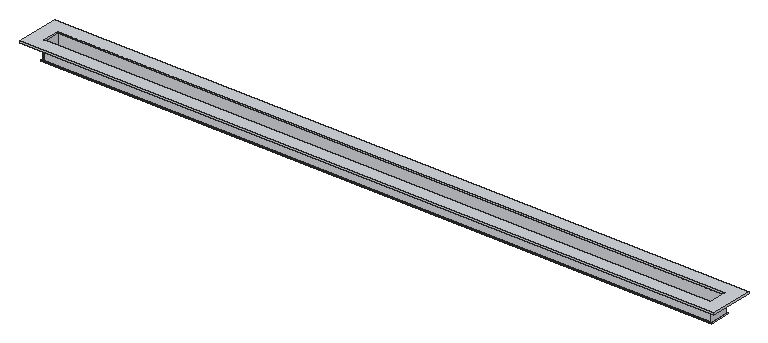
Revit family "GR63 - GR0001", category Generic Models, host Face, Revit 2019
Family settings
  Host = Face
  Can host rebar = No
  Round Connector Dimension = Use Diameter
  Part Type = Normal
  Cut with Voids When Loaded = No
  Shared = No
  Room Calculation Point = No
Parameters
  Default Elevation = 48.00"
Reference planes (in)
  plane 1 "Center (Front/Back)": y = 0
  plane 2: z = 0
  plane 3 "Center (Left/Right)": x = 0
Forms (in)
  Extrusion 1, solid
    sketch origin (0, 0, 0) x (1, 0, 0) y (0, 1, 0)
      loop
        line (-33.625, 2.09375) -> (-33.625, -2.09375) -> (33.625, -2.09375) -> (33.625, 2.09375) -> (-33.625, 2.09375)
      loop
        line (-32.365, 0.83375) -> (-32.365, -0.83375) -> (32.365, -0.83375) -> (32.365, 0.83375) -> (-32.365, 0.83375)
    from 0 to 0.16
  Extrusion 2, solid
    sketch origin (0, 0, 0) x (1, 0, 0) y (0, 1, 0)
      loop
        line (32.3675, 0.83375) -> (-32.3675, 0.83375) -> (-32.3675, -0.83375) -> (32.3675, -0.83375) -> (32.3675, 0.83375)
      loop
        line (-32.4075, 0.87375) -> (-32.4075, -0.87375) -> (32.4075, -0.87375) -> (32.4075, 0.87375) -> (-32.4075, 0.87375)
    from 0 to -1.63
  Extrusion 3, solid
    sketch origin (0, 0, 0) x (1, 0, 0) y (0, 1, 0)
      loop
        line (32.4075, 0.87375) -> (-32.4075, 0.87375) -> (-32.4075, -0.87375) -> (32.4075, -0.87375) -> (32.4075, 0.87375)
      loop
        line (32.5275, 0.99375) -> (-32.5275, 0.99375) -> (-32.5275, -0.99375) -> (32.5275, -0.99375) -> (32.5275, 0.99375)
    from -1.55 to -1.63
  Extrusion 4, solid
    sketch origin (0, 0, 0) x (1, 0, 0) y (0, 1, 0)
      loop
        line (32.4075, 0.87375) -> (-32.4075, 0.87375) -> (-32.4075, -0.87375) -> (32.4075, -0.87375) -> (32.4075, 0.87375)
      loop
        line (32.5275, 0.99375) -> (-32.5275, 0.99375) -> (-32.5275, -0.99375) -> (32.5275, -0.99375) -> (32.5275, 0.99375)
    from -0.66 to -0.6
Dimensions and locks (in)
  Extrusion 1 to Extrusion 1 = 67.25"
  Extrusion 1 to Extrusion 1 = 4.1875"
  aligned and locked: plane 2 to host face
  aligned and locked: level to host face
